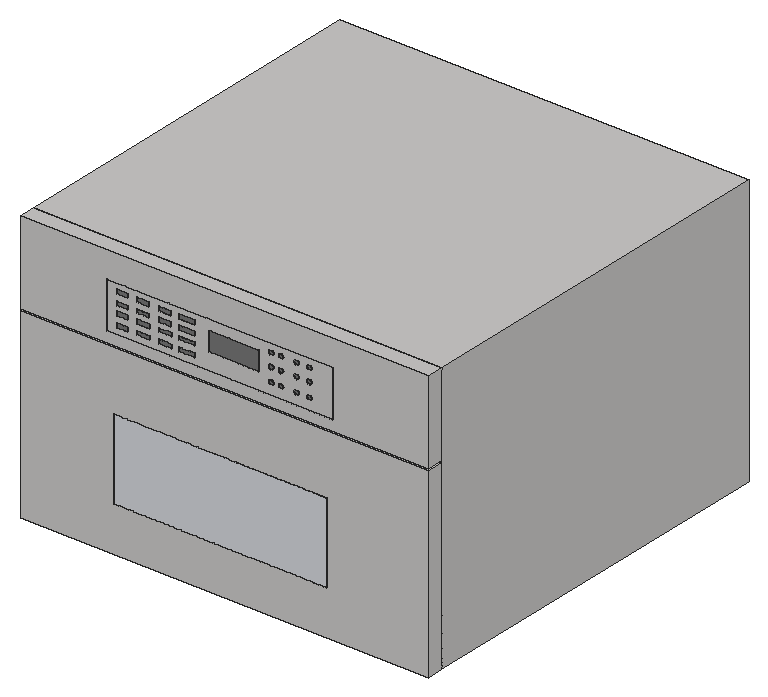
Revit family "DMR24M977_Revit", category Specialty Equipment, Revit 2014
Parameters (values of type "DMR24M977W")
  Width = 24"
  Unit = Stainless Steel
  Support = Plastic-Black
  Model = "DMR24M977W"
  Manufacturer = "Dacor"
  Height = 15 7/8"
  Handle = Stainless Steel
  FLUSH INSTALLATION KIT (STAINLESS STEEL) = "ADMRF24S"
  FLUSH INSTALLATION KIT (GRAPHITE STAINLESS) = "ADMRF24M"
  Door Glass = none
  Door = Stainless Steel
  Description = "24-INCH MICROWAVEIN- A-DRAWER MODERNIST COLLECTION"
  Depth = 23 1/2"
Reference planes (in)
  plane 1 "Center (Front/Back)": y = 0
  plane 2: z = 0
  plane 3 "Center (Left/Right)": x = 0
  plane 4: y = 11.75
  plane 5: y = -11.75
  plane 6: x = -12
  plane 7: x = 12
  plane 8: z = 15.875
  plane 9: y = -13.625
  plane 10: y = -10.75
Forms (in)
  Extrusion 1, solid, material "Stainless Steel" <- "Unit"
    sketch origin (0, 0, 0) x (1, 0, 0) y (0, 0, 1)
      loop
        line (-12, 15.875) -> (-12, 0) -> (12, 0) -> (12, 15.875) -> (-12, 15.875)
      loop
        line (-11.88947, 15.7264) -> (-11.88947, 0.2264) -> (11.86053, 0.2264) -> (11.86053, 15.7264) -> (-11.88947, 15.7264)
    from -11.75 to 10.75
  Extrusion 2, solid, material "Stainless Steel" <- "Unit"
    sketch origin (0, 11.75, 0) x (-1, 0, 0) y (0, 0, 1)
      loop
        line (-11.86053, 15.7264) -> (-11.86053, 0.2264) -> (11.88947, 0.2264) -> (11.88947, 15.7264) -> (-11.86053, 15.7264)
    from 0 to -0.58184
  Extrusion 3, solid, material "Stainless Steel" <- "Door"
    sketch origin (0, 0, 0) x (1, 0, 0) y (0, 0, 1)
      loop
        line (-12, 15.875) -> (-12, 11) -> (12, 11) -> (12, 15.875) -> (-12, 15.875)
      loop
        line (-12, 0) -> (12, 0) -> (12, 10.875) -> (-12, 10.875) -> (-12, 0)
      loop
        line (-6.9063, 14.36099) -> (-6.9063, 11.61099) -> (6.3437, 11.61099) -> (6.3437, 14.36099) -> (-6.9063, 14.36099)
      loop
        line (-6.4795, 7.38463) -> (-6.4795, 2.63463) -> (6.0205, 2.63463) -> (6.0205, 7.38463) -> (-6.4795, 7.38463)
    from 10.75 to 11.75
  Extrusion 4, solid, material "Stainless Steel" <- "Unit"
    sketch origin (0, -11.75, 0) x (1, 0, 0) y (0, 0, 1)
      loop
        line (-6.9063, 14.36099) -> (-6.9063, 11.61099) -> (6.3437, 11.61099) -> (6.3437, 14.36099) -> (-6.9063, 14.36099)
      loop
        line (-6.33834, 14.01045) -> (-6.33834, 13.76045) -> (-5.69888, 13.76045) -> (-5.69888, 14.01045) -> (-6.33834, 14.01045)
      loop
        line (-5.14823, 14.01045) -> (-5.14823, 13.76045) -> (-4.41996, 13.76045) -> (-4.41996, 14.01045) -> (-5.14823, 14.01045)
      loop
        line (-3.85155, 14.01045) -> (-3.85155, 13.76045) -> (-3.12327, 13.76045) -> (-3.12327, 14.01045) -> (-3.85155, 14.01045)
      loop
        line (-2.66144, 14.01045) -> (-2.66144, 13.76045) -> (-1.73777, 13.76045) -> (-1.73777, 14.01045) -> (-2.66144, 14.01045)
      loop
        line (-6.33834, 13.40784) -> (-6.33834, 13.15784) -> (-5.69888, 13.15784) -> (-5.69888, 13.40784) -> (-6.33834, 13.40784)
      loop
        line (-5.14823, 13.40784) -> (-5.14823, 13.15784) -> (-4.41996, 13.15784) -> (-4.41996, 13.40784) -> (-5.14823, 13.40784)
      loop
        line (-3.85155, 13.40784) -> (-3.85155, 13.15784) -> (-3.12327, 13.15784) -> (-3.12327, 13.40784) -> (-3.85155, 13.40784)
      loop
        line (-2.66144, 13.40784) -> (-2.66144, 13.15784) -> (-1.73777, 13.15784) -> (-1.73777, 13.40784) -> (-2.66144, 13.40784)
      loop
        line (-6.33173, 12.87089) -> (-6.33173, 12.62089) -> (-5.69227, 12.62089) -> (-5.69227, 12.87089) -> (-6.33173, 12.87089)
      loop
        line (-5.14162, 12.87089) -> (-5.14162, 12.62089) -> (-4.41334, 12.62089) -> (-4.41334, 12.87089) -> (-5.14162, 12.87089)
      loop
        line (-3.84493, 12.87089) -> (-3.84493, 12.62089) -> (-3.11665, 12.62089) -> (-3.11665, 12.87089) -> (-3.84493, 12.87089)
      loop
        line (-2.65482, 12.87089) -> (-2.65482, 12.62089) -> (-1.73115, 12.62089) -> (-1.73115, 12.87089) -> (-2.65482, 12.87089)
      loop
        line (-6.33173, 12.25325) -> (-6.33173, 12.00325) -> (-5.69227, 12.00325) -> (-5.69227, 12.25325) -> (-6.33173, 12.25325)
      loop
        line (-5.14162, 12.25325) -> (-5.14162, 12.00325) -> (-4.41334, 12.00325) -> (-4.41334, 12.25325) -> (-5.14162, 12.25325)
      loop
        line (-3.84493, 12.25325) -> (-3.84493, 12.00325) -> (-3.11665, 12.00325) -> (-3.11665, 12.25325) -> (-3.84493, 12.25325)
      loop
        line (-2.65482, 12.25325) -> (-2.65482, 12.00325) -> (-1.73115, 12.00325) -> (-1.73115, 12.25325) -> (-2.65482, 12.25325)
      loop
        line (-0.92881, 13.76045) -> (-0.92881, 12.62089) -> (2.02942, 12.62089) -> (2.02942, 13.76045) -> (-0.92881, 13.76045)
      loop
        circle (2.752, 13.86976) r 0.14069
      loop
        circle (3.32954, 13.86976) r 0.14069
      loop
        circle (4.24287, 13.86976) r 0.14069
      loop
        circle (4.99287, 13.86976) r 0.14069
      loop
        circle (2.752, 13.11976) r 0.14069
      loop
        circle (3.32954, 13.11976) r 0.14069
      loop
        circle (4.24287, 13.11976) r 0.14069
      loop
        circle (4.99287, 13.11976) r 0.14069
      loop
        circle (2.752, 12.29125) r 0.14069
      loop
        circle (3.32954, 12.29125) r 0.14069
      loop
        circle (4.24287, 12.29125) r 0.14069
      loop
        circle (4.99287, 12.29125) r 0.14069
    from 0 to -0.4545
  Extrusion 5, solid, material <- "Door Glass"
    sketch origin (0, -11.75, 0) x (1, 0, 0) y (0, 0, 1)
      loop
        line (-6.4795, 7.38463) -> (-6.4795, 2.63463) -> (6.0205, 2.63463) -> (6.0205, 7.38463) -> (-6.4795, 7.38463)
    from 0 to -1
  Extrusion 6, solid, material "Plastic-Black" <- "Support"
    sketch origin (0, -11.75, 0) x (1, 0, 0) y (0, 0, 1)
      loop
        line (-6.33834, 14.01045) -> (-6.33834, 13.76045) -> (-5.69888, 13.76045) -> (-5.69888, 14.01045) -> (-6.33834, 14.01045)
      loop
        line (-5.14823, 14.01045) -> (-5.14823, 13.76045) -> (-4.41996, 13.76045) -> (-4.41996, 14.01045) -> (-5.14823, 14.01045)
      loop
        line (-6.33834, 13.40784) -> (-6.33834, 13.15784) -> (-5.69888, 13.15784) -> (-5.69888, 13.40784) -> (-6.33834, 13.40784)
      loop
        line (-5.14823, 13.40784) -> (-5.14823, 13.15784) -> (-4.41996, 13.15784) -> (-4.41996, 13.40784) -> (-5.14823, 13.40784)
      loop
        line (-6.33173, 12.87089) -> (-6.33173, 12.62089) -> (-5.69227, 12.62089) -> (-5.69227, 12.87089) -> (-6.33173, 12.87089)
      loop
        line (-5.14162, 12.87089) -> (-5.14162, 12.62089) -> (-4.41334, 12.62089) -> (-4.41334, 12.87089) -> (-5.14162, 12.87089)
      loop
        line (-3.84493, 12.87089) -> (-3.84493, 12.62089) -> (-3.11665, 12.62089) -> (-3.11665, 12.87089) -> (-3.84493, 12.87089)
      loop
        line (-3.85155, 13.40784) -> (-3.85155, 13.15784) -> (-3.12327, 13.15784) -> (-3.12327, 13.40784) -> (-3.85155, 13.40784)
      loop
        line (-3.12327, 13.76045) -> (-3.12327, 14.01045) -> (-3.85155, 14.01045) -> (-3.85155, 13.76045) -> (-3.12327, 13.76045)
      loop
        line (-6.33173, 12.25325) -> (-6.33173, 12.00325) -> (-5.69227, 12.00325) -> (-5.69227, 12.25325) -> (-6.33173, 12.25325)
      loop
        line (-5.14162, 12.25325) -> (-5.14162, 12.00325) -> (-4.41334, 12.00325) -> (-4.41334, 12.25325) -> (-5.14162, 12.25325)
      loop
        line (-3.84493, 12.25325) -> (-3.84493, 12.00325) -> (-3.11665, 12.00325) -> (-3.11665, 12.25325) -> (-3.84493, 12.25325)
      loop
        line (-2.65482, 12.25325) -> (-2.65482, 12.00325) -> (-1.73115, 12.00325) -> (-1.73115, 12.25325) -> (-2.65482, 12.25325)
      loop
        line (-2.65482, 12.87089) -> (-2.65482, 12.62089) -> (-1.73115, 12.62089) -> (-1.73115, 12.87089) -> (-2.65482, 12.87089)
      loop
        line (-2.66144, 13.40784) -> (-2.66144, 13.15784) -> (-1.73777, 13.15784) -> (-1.73777, 13.40784) -> (-2.66144, 13.40784)
      loop
        line (-2.66144, 14.01045) -> (-2.66144, 13.76045) -> (-1.73777, 13.76045) -> (-1.73777, 14.01045) -> (-2.66144, 14.01045)
      loop
        line (-0.92881, 13.76045) -> (-0.92881, 12.62089) -> (2.02942, 12.62089) -> (2.02942, 13.76045) -> (-0.92881, 13.76045)
      loop
        circle (2.752, 13.86976) r 0.14069
      loop
        circle (3.32954, 13.86976) r 0.14069
      loop
        circle (4.24287, 13.86976) r 0.14069
      loop
        circle (4.99287, 13.86976) r 0.14069
      loop
        circle (4.99287, 13.11976) r 0.14069
      loop
        circle (4.24287, 13.11976) r 0.14069
      loop
        circle (3.32954, 13.11976) r 0.14069
      loop
        circle (2.752, 13.11976) r 0.14069
      loop
        circle (2.752, 12.29125) r 0.14069
      loop
        circle (3.32954, 12.29125) r 0.14069
      loop
        circle (4.24287, 12.29125) r 0.14069
      loop
        circle (4.99287, 12.29125) r 0.14069
    from 0 to -0.4545
Cuts and joins
  joined: Extrusion 1, Extrusion 2
Dimensions and locks (in)
  equal spacing: plane 6, plane 3 "Center (Left/Right)", plane 7
  "Width": plane 6 to plane 7
  equal spacing: plane 4, plane 1 "Center (Front/Back)", plane 5
  "Depth": plane 4 to plane 5
  "Height": plane 8 to plane 2
  plane 5 to plane 9 = 1 7/8"
  locked: plane 10 to plane 5 at 1
  aligned and locked: level to plane 2
  aligned and locked: plane 4 to Extrusion 1
  aligned and locked: Extrusion 1 to plane 10
  aligned and locked: plane 6 to Extrusion 3 sketch curve
  aligned and locked: Extrusion 3 sketch curve to plane 8
  aligned and locked: Extrusion 3 to plane 5
  aligned and locked: plane 10 to Extrusion 3
Automatic sketch dimensions
  Extrusion 1 sketch curve to level = 0"
  Extrusion 1 sketch curve to plane 6 = 0"
  Extrusion 1 sketch curve to plane 7 = 0"
  Extrusion 1 sketch curve to plane 8 = 0"
  plane 6 to Extrusion 1 sketch curve = 0.11053"
  Extrusion 1 sketch curve to plane 7 = 0.13947"
  level to Extrusion 1 sketch curve = 0.2264"
  Extrusion 1 sketch curve to plane 8 = 0.1486"
  Extrusion 2 sketch curve to Extrusion 1 = 0"  (x3)
  Extrusion 1 to Extrusion 2 sketch curve = 0"
  Extrusion 3 sketch curve to plane 6 = 0"
  Extrusion 3 sketch curve to level = 0"
  Extrusion 3 sketch curve to plane 7 = 0"  (x2)
  Extrusion 3 sketch curve to plane 8 = 1.51401"
  plane 6 to Extrusion 3 sketch curve = 5.0937"
  level to Extrusion 3 sketch curve = 2.63463"
  plane 6 to Extrusion 3 sketch curve = 5.5205"
  Extrusion 3 sketch curve to plane 7 = 5.9795"
  Extrusion 3 sketch curve to plane 7 = 5.6563"
  Extrusion 3 sketch curve to Extrusion 3 sketch curve = 4 3/4"
  Extrusion 3 sketch curve to plane 8 = 5"
  Extrusion 3 sketch curve to Extrusion 3 sketch curve = 1/8"
  Extrusion 3 sketch curve to Extrusion 3 sketch curve = 2 3/4"
  Extrusion 5 sketch curve to Extrusion 3 = 0"  (x3)
  Extrusion 3 to Extrusion 5 sketch curve = 0"
  Extrusion 4 sketch curve to Extrusion 3 = 0"  (x3)
  Extrusion 3 to Extrusion 4 sketch curve = 0"
  Extrusion 3 to Extrusion 4 sketch curve = 0.14116"  (x2)
  Extrusion 3 to Extrusion 4 sketch curve = 0.14777"  (x2)
  Extrusion 4 sketch curve to Extrusion 4 sketch curve = 0.63946"
  Extrusion 4 sketch curve to Extrusion 4 sketch curve = 0"  (x18)
  Extrusion 4 sketch curve to Extrusion 4 sketch curve = 0.00661"  (x6)
  Extrusion 4 sketch curve to Extrusion 4 sketch curve = 0.55065"  (x2)
  Extrusion 4 sketch curve to Extrusion 4 sketch curve = 0.72828"  (x3)
  Extrusion 4 sketch curve to Extrusion 4 sketch curve = 0.56841"
  Extrusion 3 to Extrusion 4 sketch curve = 0.35054"
  Extrusion 4 sketch curve to Extrusion 4 sketch curve = 0.46183"  (x2)
  Extrusion 4 sketch curve to Extrusion 4 sketch curve = 0.92367"  (x2)
  Extrusion 3 to Extrusion 4 sketch curve = 0.39226"  (x4)
  Extrusion 4 sketch curve to Extrusion 4 sketch curve = 0.80896"
  Extrusion 3 to Extrusion 4 sketch curve = 0.60054"
  Extrusion 4 sketch curve to Extrusion 4 sketch curve = 2.95823"
  Extrusion 4 sketch curve to Extrusion 4 sketch curve = 0.72257"  (x2)
  Extrusion 4 sketch curve to Extrusion 4 sketch curve = 0.57754"  (x3)
  Extrusion 4 sketch curve to Extrusion 4 sketch curve = 0.91333"
  Extrusion 4 sketch curve to Extrusion 4 sketch curve = 3/4"  (x2)
  Extrusion 4 sketch curve to Extrusion 4 sketch curve = 1/4"  (x16)
  Extrusion 3 to Extrusion 4 sketch curve = 0.68026"  (x3)
  Extrusion 4 sketch curve to Extrusion 4 sketch curve = 0.36764"  (x5)
  Extrusion 4 sketch curve to Extrusion 4 sketch curve = 0.82851"  (x2)
  Extrusion 4 sketch curve to Extrusion 4 sketch curve = 0.28694"  (x4)
  Extrusion 4 sketch curve to Extrusion 4 sketch curve = 0.35262"  (x3)
  Extrusion 3 to Extrusion 4 sketch curve = 0.49123"  (x4)
  Extrusion 6 sketch curve to Extrusion 4 = 0"  (x45)
  Extrusion 4 to Extrusion 6 sketch curve = 0"  (x23)
  radius of Extrusion 4 sketch curve = 0.14069"  (x12)
  radius of Extrusion 6 sketch curve to Extrusion 4 = 0"  (x12)
